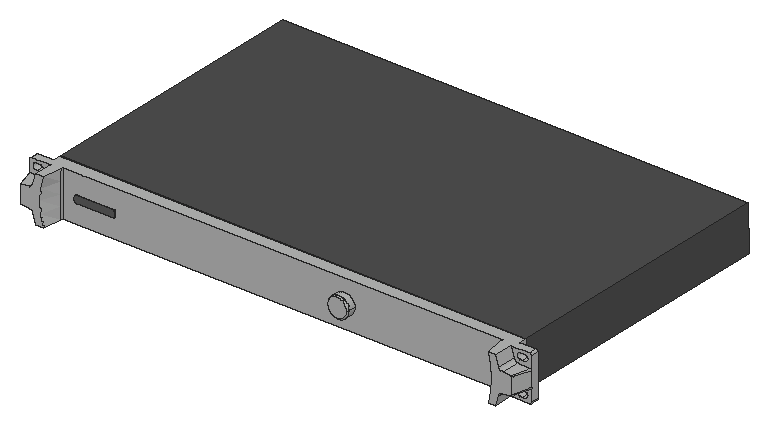
Revit family "M32C", category Communication Devices, Revit 2020
Family settings
  Maintain Annotation Orientation = No
  Round Connector Dimension = Use Diameter
  Part Type = Normal
  Work Plane-Based = Yes
  Always vertical = No
  Cut with Voids When Loaded = Yes
  Shared = No
  Room Calculation Point = No
Parameters
  Model = "M32C"
  Manufacturer = "Midas"
  Default Elevation = 0 mm
Reference planes
  plane 1 "Center (Front/Back)": y = 0
  plane 2: z = 0
  plane 3 "Center (Left/Right)": x = 0
  plane 4 "Rack Face": y = -4.6
  plane 5 "Rack Rear": y = 275
Forms (mm)
  Extrusion 1, solid, material "Aluminium"
    sketch origin (0, 0, 0) x (1, 0, 0) y (0, 0, 1)
      loop
        line (211.182, 43.912) -> (211.182, 0) -> (239.3, 0)
        arc (239.3, 0) -> (240.714, 0.586) -> (241.3, 2) r 2
        line (241.3, 2) -> (241.3, 41.912)
        arc (241.3, 41.912) -> (240.714, 43.327) -> (239.3, 43.912) r 2
        line (239.3, 43.912) -> (211.182, 43.912)
    from 0 to 7
  Blend 2, solid, material "Aluminium"
    base sketch origin (0, 0, 0) x (1, 0, 0) y (0, 0, 1)
      loop
        line (211.182, 0.002) -> (221.174, 0.002) -> (223.887, 9.452)
        arc (223.887, 9.452) -> (225.271, 11.599) -> (227.612, 12.622) r 4.422
        line (227.612, 12.622) -> (240.37, 13.514)
        arc (240.37, 13.514) -> (241.032, 13.83) -> (241.3, 14.511) r 0.999
        line (241.3, 14.511) -> (241.3, 29.403)
        arc (241.3, 29.403) -> (241.032, 30.085) -> (240.37, 30.4) r 0.999
        line (240.37, 30.4) -> (227.612, 31.292)
        arc (227.612, 31.292) -> (225.271, 32.315) -> (223.887, 34.462) r 4.422
        line (223.887, 34.462) -> (221.174, 43.912) -> (211.182, 43.912) -> (211.182, 0.002)
    top sketch origin (0, 0, 0) x (1, 0, 0) y (0, 0, 1)
      loop
        arc (213.996, 43.912) -> (217.745, 21.957) -> (213.996, 0.002) r 66.157
        line (213.996, 0.002) -> (221.174, 0.002) -> (223.887, 9.452)
        arc (223.887, 9.452) -> (225.271, 11.599) -> (227.612, 12.622) r 4.422
        line (227.612, 12.622) -> (235.29, 13.159)
        arc (235.29, 13.159) -> (235.917, 13.439) -> (236.215, 14.057) r 1
        arc (236.215, 14.057) -> (236.609, 21.957) -> (236.216, 29.857) r 79.47
        arc (236.216, 29.857) -> (235.917, 30.475) -> (235.291, 30.755) r 1
        line (235.291, 30.755) -> (227.612, 31.292)
        arc (227.612, 31.292) -> (225.271, 32.315) -> (223.887, 34.462) r 4.422
        line (223.887, 34.462) -> (221.174, 43.912) -> (213.996, 43.912)
    from 7 to 25
  Extrusion 3, void
    sketch origin (0, 0, 0) x (1, 0, 0) y (0, 0, 1)
      loop
        line (231.55, 34.327) -> (234.54, 34.327)
        arc (234.54, 34.327) -> (238.045, 37.832) -> (234.54, 41.337) r 3.505
        line (234.54, 41.337) -> (231.55, 41.337)
        arc (231.55, 41.337) -> (228.045, 37.832) -> (231.55, 34.327) r 3.505
    from 0 to 7
  Extrusion 4, void
    sketch origin (0, 0, 0) x (1, 0, 0) y (0, 0, 1)
      loop
        line (231.55, 2.624) -> (234.54, 2.624)
        arc (234.54, 2.624) -> (238.045, 6.129) -> (234.54, 9.634) r 3.505
        line (234.54, 9.634) -> (231.55, 9.634)
        arc (231.55, 9.634) -> (228.045, 6.129) -> (231.55, 2.624) r 3.505
    from 0 to 7
  Extrusion 5, solid, material "Aluminium"
    sketch origin (0, 0, 0) x (1, 0, 0) y (0, 0, 1)
      loop
        line (211.182, 43.912) -> (-211.182, 43.912) -> (-211.182, 0) -> (211.182, 0) -> (211.182, 43.912)
    from 0 to 4.6
  Extrusion 6, solid, material "Aluminium"
    sketch origin (0, 0, 0) x (-1, 0, 0) y (0, 0, -1)
      loop
        line (211.182, -43.912) -> (239.3, -43.912)
        arc (239.3, -43.912) -> (240.714, -43.327) -> (241.3, -41.912) r 2
        line (241.3, -41.912) -> (241.3, -2)
        arc (241.3, -2) -> (240.714, -0.586) -> (239.3, 0) r 2
        line (239.3, 0) -> (211.182, 0) -> (211.182, -43.912)
    from 0 to 7
  Blend 7, solid, material "Aluminium"
    base sketch origin (0, 0, 0) x (-1, 0, 0) y (0, 0, -1)
      loop
        line (211.182, -0.002) -> (211.182, -43.912) -> (221.174, -43.912) -> (223.887, -34.462)
        arc (223.887, -34.462) -> (225.271, -32.315) -> (227.612, -31.292) r 4.422
        line (227.612, -31.292) -> (240.37, -30.4)
        arc (240.37, -30.4) -> (241.032, -30.085) -> (241.3, -29.403) r 0.999
        line (241.3, -29.403) -> (241.3, -14.511)
        arc (241.3, -14.511) -> (241.032, -13.83) -> (240.37, -13.514) r 0.999
        line (240.37, -13.514) -> (227.612, -12.622)
        arc (227.612, -12.622) -> (225.271, -11.599) -> (223.887, -9.452) r 4.422
        line (223.887, -9.452) -> (221.174, -0.002) -> (211.182, -0.002)
    top sketch origin (0, 0, 0) x (-1, 0, 0) y (0, 0, -1)
      loop
        line (213.996, -43.912) -> (221.174, -43.912) -> (223.887, -34.462)
        arc (223.887, -34.462) -> (225.271, -32.315) -> (227.612, -31.292) r 4.422
        line (227.612, -31.292) -> (235.291, -30.755)
        arc (235.291, -30.755) -> (235.917, -30.475) -> (236.216, -29.857) r 1
        arc (236.216, -29.857) -> (236.609, -21.957) -> (236.215, -14.057) r 79.47
        arc (236.215, -14.057) -> (235.917, -13.439) -> (235.29, -13.159) r 1
        line (235.29, -13.159) -> (227.612, -12.622)
        arc (227.612, -12.622) -> (225.271, -11.599) -> (223.887, -9.452) r 4.422
        line (223.887, -9.452) -> (221.174, -0.002) -> (213.996, -0.002)
        arc (213.996, -0.002) -> (217.745, -21.957) -> (213.996, -43.912) r 66.157
    from 7 to 25
  Extrusion 8, void
    sketch origin (0, 0, 0) x (-1, 0, 0) y (0, 0, -1)
      loop
        arc (231.55, -34.327) -> (228.045, -37.832) -> (231.55, -41.337) r 3.505
        line (231.55, -41.337) -> (234.54, -41.337)
        arc (234.54, -41.337) -> (238.045, -37.832) -> (234.54, -34.327) r 3.505
        line (234.54, -34.327) -> (231.55, -34.327)
    from 0 to 7
  Extrusion 9, void
    sketch origin (0, 0, 0) x (-1, 0, 0) y (0, 0, -1)
      loop
        arc (231.55, -2.624) -> (228.045, -6.129) -> (231.55, -9.634) r 3.505
        line (231.55, -9.634) -> (234.54, -9.634)
        arc (234.54, -9.634) -> (238.045, -6.129) -> (234.54, -2.624) r 3.505
        line (234.54, -2.624) -> (231.55, -2.624)
    from 0 to 7
  Extrusion 10, solid, material "Aluminium"
    sketch origin (0, 0, 0) x (1, 0, 0) y (0, 0, 1)
      loop
        line (-223.996, 0) -> (223.996, 0) -> (223.996, 43.914) -> (-223.996, 43.914) -> (-223.996, 0)
    from 0 to -8
  Extrusion 11, solid, material "Steel, Paint Finish, Black"
    sketch origin (0, 0, 0) x (1, 0, 0) y (0, 0, 1)
      loop
        line (-223.996, 0) -> (223.996, 0) -> (223.996, 43.914) -> (-223.996, 43.914) -> (-223.996, 0)
    from -8 to -275
  Extrusion 12, solid, material "Aluminium"
    sketch origin (-8.644, -4.6, 0.042) x (-1, 0, 0) y (0, 0, 1)
      loop
        circle (-67.898, 21.835) r 10
    from 0 to -6.9
  Blend 13, solid, material "Aluminium"
    base sketch origin (-8.644, -4.6, 0.042) x (-1, 0, 0) y (0, 0, 1)
      loop
        circle (-67.898, 21.835) r 10
    top sketch origin (-8.644, -4.6, 0.042) x (-1, 0, 0) y (0, 0, 1)
      loop
        circle (-67.898, 21.835) r 9
    from -6.9 to -8.4
  Extrusion 14, solid, material "Aluminium, Black"
    sketch origin (0, -4.6, 0) x (-1, 0, 0) y (0, 0, 1)
      loop
        line (196.615, 25.321) -> (162.091, 25.321)
        arc (162.091, 25.321) -> (161.525, 25.086) -> (161.29, 24.52) r 0.801
        line (161.29, 24.52) -> (161.29, 19.086)
        arc (161.29, 19.086) -> (161.527, 18.53) -> (162.092, 18.314) r 0.772
        line (162.092, 18.314) -> (196.615, 18.314)
        arc (196.615, 18.314) -> (200.119, 21.817) -> (196.615, 25.321) r 3.503
    from 0 to -1
  Extrusion 15, solid, material "ABS - Black"
    sketch origin (0, 275, 0) x (-1, 0, 0) y (0, 0, 1)
      loop
        circle (203.295, 18.08) r 6.038
    from 0 to 6
  Extrusion 16, void
    sketch origin (0, 275, 0) x (-1, 0, 0) y (0, 0, 1)
      loop
        line (-207.339, 30.969) -> (-207.339, 11.26) -> (-181.121, 11.26) -> (-181.121, 30.969) -> (-207.339, 30.969)
    from 0 to -20
  Extrusion 17, void
    sketch origin (0, 275, 0) x (-1, 0, 0) y (0, 0, 1)
      loop
        circle (101.948, 23.944) r 11.2
    from 0 to -16
  Extrusion 18, void
    sketch origin (-26.028, 275, 0) x (-1, 0, 0) y (0, 0, 1)
      loop
        circle (101.948, 23.944) r 11.2
    from 0 to -16
Cuts and joins
  Extrusion 3, Extrusion 4, Extrusion 8, Extrusion 9 cuts Extrusion 1
  Extrusion 8, Extrusion 9 cuts Extrusion 6
  joined: Extrusion 1, Blend 2, Extrusion 5, Extrusion 6, Blend 7, Extrusion 10
  Extrusion 16, Extrusion 17, Extrusion 18 cuts Extrusion 11
Lines and regions (mm)
  Split face 1
    outline origin (211.182, -4.6, 43.912) x (0, 0, 1) y (-1, 0, 0)
      loop
        line (-2.022, 422.363) -> (-2.022, 0)
  Split face 2
    outline origin (211.182, -4.6, 43.912) x (0, 0, 1) y (-1, 0, 0)
      loop
        line (-42.175, 422.363) -> (-42.175, 0)
  Split face 3
    outline origin (211.182, -4.6, 43.912) x (0, 0, 1) y (-1, 0, 0)
      loop
        line (-2.022, 311.278) -> (-42.175, 311.278)
  Split face 4
    outline origin (211.182, -4.6, 43.912) x (0, 0, 1) y (-1, 0, 0)
      loop
        line (-2.022, 111.086) -> (-42.175, 111.086)
  Split face 5
    outline origin (211.182, -4.6, 43.912) x (0, 0, 1) y (-1, 0, 0)
      loop
        line (-5.58, 108.348) -> (-38.613, 108.348) -> (-38.613, 5.725) -> (-5.58, 5.725) -> (-5.58, 108.348)
  Split face 6
    outline origin (211.182, -4.6, 43.912) x (0, 0, 1) y (-1, 0, 0)
      loop
        line (-5.58, 416.638) -> (-38.613, 416.638) -> (-38.613, 314.016) -> (-5.58, 314.016) -> (-5.58, 416.638)
  Split face 7
    outline origin (226.071, -4.6, 43.454) x (0, 0, 1) y (-1, 0, 0)
      loop
        arc (-8.937, 254.244) -> (-9.23, 254.951) -> (-9.937, 255.244) r 1
        line (-9.937, 255.244) -> (-33.189, 255.244)
        arc (-33.189, 255.244) -> (-33.896, 254.951) -> (-34.189, 254.244) r 1
        line (-34.189, 254.244) -> (-34.189, 195.787)
        arc (-34.189, 195.787) -> (-33.896, 195.08) -> (-33.189, 194.787) r 1
        line (-33.189, 194.787) -> (-9.937, 194.787)
        arc (-9.937, 194.787) -> (-9.23, 195.08) -> (-8.937, 195.787) r 1
        line (-8.937, 195.787) -> (-8.937, 254.244)
  Split face 8
    outline origin (211.182, -4.6, 43.912) x (0, 0, 1) y (-1, 0, 0)
      loop
        circle (-22.036, 123.345) r 3.369
  Split face 9
    outline origin (0, 275, 0) x (1, 0, 0) y (0, 0, 1)
      loop
        circle (-24.456, 21.65) r 7.088
  Split face 10
    outline origin (0, 275, 0) x (1, 0, 0) y (0, 0, 1)
      loop
        circle (-52.466, 21.649) r 7.088
  Split face 11
    outline origin (0, 275, 0) x (1, 0, 0) y (0, 0, 1)
      loop
        arc (-25.955, 27.298) -> (-24.455, 15.973) -> (-22.955, 27.298) r 5.762
        line (-22.955, 27.298) -> (-22.955, 25.774) -> (-25.955, 25.774) -> (-25.955, 27.298)
  Split face 12
    outline origin (0, 275, 0) x (1, 0, 0) y (0, 0, 1)
      loop
        arc (-54.005, 27.298) -> (-52.505, 15.973) -> (-51.005, 27.298) r 5.762
        line (-51.005, 27.298) -> (-51.005, 25.774) -> (-54.005, 25.774) -> (-54.005, 27.298)
  Split face 13
    outline origin (0, 275, 0) x (1, 0, 0) y (0, 0, 1)
      loop
        circle (-153.474, 17.882) r 5
  Split face 14
    outline origin (0, 275, 0) x (1, 0, 0) y (0, 0, 1)
      loop
        circle (-153.461, 17.874) r 3.771
  Split face 15
    outline origin (0, 275, 0) x (1, 0, 0) y (0, 0, 1)
      loop
        circle (-169.801, 17.882) r 4.983
  Split face 16
    outline origin (0, 275, 0) x (1, 0, 0) y (0, 0, 1)
      loop
        circle (-169.789, 17.874) r 3.771
  Split face 17
    outline origin (0, 275, 0) x (1, 0, 0) y (0, 0, 1)
      loop
        circle (-186.373, 17.882) r 4.982
  Split face 18
    outline origin (0, 275, 0) x (1, 0, 0) y (0, 0, 1)
      loop
        circle (-186.36, 17.874) r 3.771
  model lines
    curve 1: circle (59.254, -4.6, 21.877) r 16 normal (0, 1, 0)
    curve 40: line (170.321, 275, 35.969) -> (15.15, 275, 35.969)
    curve 41: arc (15.15, 275, 35.969) -> (11.595, 275, 34.497) -> (10.122, 275, 30.942) r 5.027
    curve 42: line (10.122, 275, 30.942) -> (10.122, 275, 10.425)
    curve 43: arc (10.122, 275, 10.425) -> (11.595, 275, 6.87) -> (15.151, 275, 5.397) r 5.028
    curve 44: line (15.151, 275, 5.397) -> (170.321, 275, 5.397)
    curve 45: arc (170.321, 275, 5.397) -> (173.877, 275, 6.87) -> (175.349, 275, 10.425) r 5.027
    curve 46: line (175.349, 275, 10.425) -> (175.347, 275, 30.941)
    curve 47: arc (175.347, 275, 30.941) -> (173.875, 275, 34.495) -> (170.321, 275, 35.969) r 5.029
  model lines, style "0"
    curve 2: line (-62.437, -4.6, 20.366) -> (-72.516, -4.6, 20.366)
    curve 3: line (-72.516, -4.6, 20.366) -> (-72.516, -4.6, 21.381)
    curve 4: line (-72.516, -4.6, 21.381) -> (-62.437, -4.6, 21.381)
    curve 5: line (-62.437, -4.6, 21.381) -> (-62.437, -4.6, 20.366)
    curve 6: arc (-75.52, -4.6, 18.879) -> (-75.122, -4.6, 17.92) -> (-74.163, -4.6, 17.522) r 1.358
    curve 7: arc (-60.761, -4.6, 17.522) -> (-59.802, -4.6, 17.92) -> (-59.404, -4.6, 18.879) r 1.359
    curve 8: arc (-59.404, -4.6, 24.876) -> (-59.803, -4.6, 25.835) -> (-60.761, -4.6, 26.233) r 1.361
    curve 9: arc (-74.163, -4.6, 26.233) -> (-75.122, -4.6, 25.835) -> (-75.52, -4.6, 24.876) r 1.36
    curve 10: arc (-60.581, -4.6, 19.376) -> (-60.78, -4.6, 18.897) -> (-61.26, -4.6, 18.697) r 0.682
    curve 11: arc (-73.666, -4.6, 18.697) -> (-74.145, -4.6, 18.897) -> (-74.344, -4.6, 19.376) r 0.681
    curve 12: arc (-74.344, -4.6, 24.378) -> (-74.145, -4.6, 24.857) -> (-73.666, -4.6, 25.056) r 0.679
    curve 13: arc (-61.26, -4.6, 25.056) -> (-60.78, -4.6, 24.857) -> (-60.581, -4.6, 24.378) r 0.68
    curve 14: arc (35.977, -4.6, 6.836) -> (35.741, -4.6, 6.268) -> (35.172, -4.6, 6.033) r 0.805
    curve 15: arc (-33.058, -4.6, 6.033) -> (-33.626, -4.6, 6.268) -> (-33.862, -4.6, 6.836) r 0.804
    curve 16: arc (-33.862, -4.6, 36.866) -> (-33.626, -4.6, 37.435) -> (-33.058, -4.6, 37.67) r 0.805
    curve 17: arc (35.171, -4.6, 37.67) -> (35.74, -4.6, 37.435) -> (35.977, -4.6, 36.866) r 0.805
    curve 18: arc (-28.37, -4.6, 9.265) -> (-28.938, -4.6, 9.501) -> (-29.173, -4.6, 10.069) r 0.804
    curve 19: arc (-29.173, -4.6, 33.714) -> (-28.938, -4.6, 34.281) -> (-28.37, -4.6, 34.517) r 0.804
    curve 20: arc (30.479, -4.6, 34.517) -> (31.048, -4.6, 34.282) -> (31.284, -4.6, 33.714) r 0.805
    curve 21: circle (87.837, -4.6, 21.876) r 6.302 normal (0, -1, 0)
    curve 22: line (-38.881, -4.6, 40.455) -> (-38.881, -4.6, 3.298)
    curve 23: line (40.902, -4.6, 40.455) -> (40.902, -4.6, 3.298)
    curve 24: line (-74.163, -4.6, 17.522) -> (-60.761, -4.6, 17.522)
    curve 25: line (-59.404, -4.6, 18.879) -> (-59.404, -4.6, 24.876)
    curve 26: line (-60.761, -4.6, 26.233) -> (-74.163, -4.6, 26.233)
    curve 27: line (-75.52, -4.6, 24.876) -> (-75.52, -4.6, 18.879)
    curve 28: line (-61.26, -4.6, 18.697) -> (-73.666, -4.6, 18.697)
    curve 29: line (-74.344, -4.6, 19.376) -> (-74.344, -4.6, 24.378)
    curve 30: line (-73.666, -4.6, 25.056) -> (-61.26, -4.6, 25.056)
    curve 31: line (-60.581, -4.6, 24.378) -> (-60.581, -4.6, 19.376)
    curve 32: line (35.172, -4.6, 6.033) -> (-33.058, -4.6, 6.033)
    curve 33: line (-33.862, -4.6, 6.836) -> (-33.862, -4.6, 36.866)
    curve 34: line (-33.058, -4.6, 37.67) -> (35.171, -4.6, 37.67)
    curve 35: line (35.977, -4.6, 36.866) -> (35.977, -4.6, 6.836)
    curve 36: line (30.479, -4.6, 9.265) -> (-28.37, -4.6, 9.265)
    curve 37: line (-29.173, -4.6, 10.069) -> (-29.173, -4.6, 33.714)
    curve 38: line (-28.37, -4.6, 34.517) -> (30.479, -4.6, 34.517)
    curve 39: line (31.284, -4.6, 33.714) -> (31.284, -4.6, 10.069)
Dimensions and locks
  aligned and locked: level to plane 2
Nested families
  nested 1: "IEC" at (194.229, 275, 21.952) x (1, 0, 0) z (0, 1, 0), type "IEC"
  nested 2: "NE8FD Ethercon" at (-101.948, 275, 23.923) x (-1, 0, 0) z (0, 1, 0), type "NE8FD Ethercon"
  nested 3: "NE8FD Ethercon" at (-127.976, 275, 23.923) x (-1, 0, 0) z (0, 1, 0), type "NE8FD Ethercon"
  nested 4: "RJ45 chassis mount" at (-2.937, 275, 18.093) x (-1, 0, 0) z (0, 1, 0), type "RJ45 chassis mount"
  nested 5: "RJ45 chassis mount" at (-74.286, 275, 18.093) x (-1, 0, 0) z (0, 1, 0), type "RJ45 chassis mount"
  nested 6: "USB-B chassis mount" at (66.798, 275, 15.569) x (1, 0, 0) z (0, 1, 0), type "USB-B chassis mount"
Definition of nested family "IEC"
  Parameters (values of type "IEC")
    Default Elevation = 1219.2 mm
  Reference planes
    plane 1 "Center (Front/Back)": y = 0
    plane 2: z = 0
    plane 3 "Center (Left/Right)": x = 0
  Forms (mm)
    Extrusion 1, void
      sketch origin (0, 0, 0) x (1, 0, 0) y (0, 1, 0)
        loop
          arc (12, 6.432) -> (11.268, 8.2) -> (9.5, 8.932) r 2.5
          line (9.5, 8.932) -> (-9.5, 8.932)
          arc (-9.5, 8.932) -> (-11.268, 8.2) -> (-12, 6.432) r 2.5
          line (-12, 6.432) -> (-12, -3) -> (-7, -8) -> (7, -8) -> (12, -3) -> (12, 6.432)
      from 2 to -15
    Extrusion 2, solid
      sketch origin (0, 0.834, 0) x (1, 0, 0) y (0, 1, 0)
        loop
          arc (-12.127, 11.082) -> (-14.248, 10.203) -> (-15.127, 8.082) r 3
          line (-15.127, 8.082) -> (-15.127, -8.8)
          arc (-15.127, -8.8) -> (-14.248, -10.921) -> (-12.127, -11.8) r 3
          line (-12.127, -11.8) -> (12.188, -11.8)
          arc (12.188, -11.8) -> (14.309, -10.921) -> (15.188, -8.8) r 3
          line (15.188, -8.8) -> (15.188, 8.082)
          arc (15.188, 8.082) -> (14.309, 10.203) -> (12.188, 11.082) r 3
          line (12.188, 11.082) -> (-12.127, 11.082)
      from 2 to 0
    Extrusion 3, solid
      sketch origin (0, 0, 0) x (1, 0, 0) y (0, 1, 0)
        loop
          line (-8, 3.6) -> (-8, -0.4) -> (-6, -0.4) -> (-6, 3.6) -> (-8, 3.6)
      from 1 to -15
    Extrusion 4, solid
      sketch origin (7, -4, 0) x (1, 0, 0) y (0, 1, 0)
        loop
          line (-8, 3.6) -> (-8, -0.4) -> (-6, -0.4) -> (-6, 3.6) -> (-8, 3.6)
      from 1 to -15
    Extrusion 5, solid
      sketch origin (14, 0, 0) x (1, 0, 0) y (0, 1, 0)
        loop
          line (-8, 3.6) -> (-8, -0.4) -> (-6, -0.4) -> (-6, 3.6) -> (-8, 3.6)
      from 1 to -15
    Extrusion 6, void
      sketch origin (0, 0, 0) x (1, 0, 0) y (0, 1, 0)
        loop
          arc (-11.5, 10.742) -> (-13.268, 10.01) -> (-14, 8.242) r 2.5
          line (-14, 8.242) -> (-14, -7.466)
          arc (-14, -7.466) -> (-13.268, -9.234) -> (-11.5, -9.966) r 2.5
          line (-11.5, -9.966) -> (11.5, -9.966)
          arc (11.5, -9.966) -> (13.268, -9.234) -> (14, -7.466) r 2.5
          line (14, -7.466) -> (14, 8.242)
          arc (14, 8.242) -> (13.268, 10.01) -> (11.5, 10.742) r 2.5
          line (11.5, 10.742) -> (-11.5, 10.742)
      from 0 to -20
    Extrusion 7, solid
      sketch origin (0, 0.834, 0) x (1, 0, 0) y (0, 1, 0)
        loop
          arc (-11.5, 9.908) -> (-13.268, 9.176) -> (-14, 7.408) r 2.5
          line (-14, 7.408) -> (-14, -8.3)
          arc (-14, -8.3) -> (-13.268, -10.068) -> (-11.5, -10.8) r 2.5
          line (-11.5, -10.8) -> (11.5, -10.8)
          arc (11.5, -10.8) -> (13.268, -10.068) -> (14, -8.3) r 2.5
          line (14, -8.3) -> (14, 7.408)
          arc (14, 7.408) -> (13.268, 9.176) -> (11.5, 9.908) r 2.5
          line (11.5, 9.908) -> (-11.5, 9.908)
      from 0 to -20
  Cuts and joins
    Extrusion 1, Extrusion 6 cuts Extrusion 2
    Extrusion 1 cuts Extrusion 7
  Dimensions and locks
    aligned and locked: level to plane 2
Definition of nested family "NE8FD Ethercon"
  Parameters
    Default Elevation = 1219.2 mm
  Reference planes
    plane 1 "Center (Front/Back)": y = 0
    plane 2: z = 0
    plane 3 "Center (Left/Right)": x = 0
  Forms (mm)
    Extrusion 1, solid
      sketch origin (-12.612, 0, 0) x (1, 0, 0) y (0, 1, 0)
        loop
          circle (12.613, 0.021) r 11.058
      from -16 to 1.5
    Extrusion 2, void
      sketch origin (-12.612, 0, 0) x (1, 0, 0) y (0, 1, 0)
        loop
          circle (12.612, 0.021) r 9.9
      from -12 to 1.5
    Extrusion 3, solid
      sketch origin (-12.612, 0, 0) x (1, 0, 0) y (0, 1, 0)
        loop
          line (9.613, 9.921) -> (15.612, 9.921)
          arc (15.612, 9.921) -> (17.027, 10.507) -> (17.612, 11.921) r 2
          line (17.612, 11.921) -> (17.612, 13.337)
          arc (17.612, 13.337) -> (17.271, 14.455) -> (16.362, 15.191) r 2
          arc (16.362, 15.191) -> (12.612, 15.921) -> (8.862, 15.191) r 10
          arc (8.862, 15.191) -> (7.954, 14.455) -> (7.612, 13.337) r 2
          line (7.612, 13.337) -> (7.612, 11.921)
          arc (7.612, 11.921) -> (8.198, 10.507) -> (9.613, 9.921) r 2
      from 3.3 to 4.2
    Extrusion 4, solid
      sketch origin (-12.612, 0, 0) x (1, 0, 0) y (0, 1, 0)
        loop
          line (11.106, 9.921) -> (14.119, 9.921) -> (14.119, 10.975)
          arc (14.119, 10.975) -> (12.613, 11.079) -> (11.106, 10.975) r 11.058
          line (11.106, 10.975) -> (11.106, 9.921)
      from 3.3 to 1.5
    Extrusion 5, void
      sketch origin (-12.612, 0, 0) x (1, 0, 0) y (0, 1, 0)
        loop
          line (6.713, 3.65) -> (6.713, -3.15) -> (9.313, -3.15) -> (9.313, -5.15) -> (10.763, -5.15) -> (10.763, -6.45) -> (14.463, -6.45) -> (14.463, -5.15) -> (15.913, -5.15) -> (15.913, -3.15) -> (18.513, -3.15) -> (18.513, 3.65) -> (6.713, 3.65)
      from -10 to 1.5
    Extrusion 6, solid
      sketch origin (-12.612, 0, 0) x (1, 0, 0) y (0, 1, 0)
        loop
          circle (12.612, 0) r 8
      from -12 to 1.5
    Extrusion 7, void
      sketch origin (-12.612, 0, 0) x (1, 0, 0) y (0, 1, 0)
        loop
          circle (12.613, 0) r 11.1
      from 0 to -16
  Cuts and joins
    Extrusion 2, Extrusion 5 cuts Extrusion 1
    Extrusion 2 cuts Extrusion 4
    Extrusion 5 cuts Extrusion 6
  Dimensions and locks
    aligned and locked: level to plane 2
Definition of nested family "RJ45 chassis mount"
  Parameters
    Default Elevation = 1219.2 mm
  Reference planes
    plane 1 "Center (Front/Back)": y = 0
    plane 2: z = 0
    plane 3 "Center (Left/Right)": x = 0
  Forms (mm)
    Extrusion 1, void
      sketch origin (-12.612, 0, 0) x (1, 0, 0) y (0, 1, 0)
        loop
          line (6.713, 3.65) -> (6.713, -3.15) -> (9.313, -3.15) -> (9.313, -5.15) -> (10.763, -5.15) -> (10.763, -6.45) -> (14.463, -6.45) -> (14.463, -5.15) -> (15.913, -5.15) -> (15.913, -3.15) -> (18.513, -3.15) -> (18.513, 3.65) -> (6.713, 3.65)
      from -10 to 1.5
    Extrusion 2, solid
      sketch origin (0, 0, 0) x (1, 0, 0) y (0, 1, 0)
        loop
          line (-7.94, 6.94) -> (-7.94, -7.092) -> (7.94, -7.092) -> (7.94, 6.94) -> (-7.94, 6.94)
      from -15 to 1.5
    Extrusion 3, void
      sketch origin (0, 0, 0) x (1, 0, 0) y (0, 1, 0)
        loop
          line (-7.94, 6.94) -> (-7.94, -7.092) -> (7.94, -7.092) -> (7.94, 6.94) -> (-7.94, 6.94)
      from -15 to 0
  Cuts and joins
    Extrusion 1 cuts Extrusion 2
  Dimensions and locks
    aligned and locked: level to plane 2
Definition of nested family "USB-B chassis mount"
  Parameters
    Default Elevation = 1219.2 mm
  Reference planes
    plane 1 "Center (Front/Back)": y = 0
    plane 2: z = 0
    plane 3 "Center (Left/Right)": x = 0
  Forms (mm)
    Extrusion 1, void
      sketch origin (-12.612, 0, 0) x (1, 0, 0) y (0, 1, 0)
        loop
          line (9.363, 3.85) -> (8.363, 2.85) -> (8.363, -2.85)
          arc (8.363, -2.85) -> (8.655, -3.557) -> (9.363, -3.85) r 1
          line (9.363, -3.85) -> (15.862, -3.85)
          arc (15.862, -3.85) -> (16.57, -3.557) -> (16.862, -2.85) r 1
          line (16.862, -2.85) -> (16.862, 2.85) -> (15.862, 3.85) -> (9.363, 3.85)
      from -5 to 1.5
    Extrusion 2, solid
      sketch origin (0, 0, 0) x (1, 0, 0) y (0, 1, 0)
        loop
          line (-6.15, 5.499) -> (-6.15, -5.501) -> (6.15, -5.501) -> (6.15, 5.499) -> (-6.15, 5.499)
      from -15 to 1.5
    Extrusion 3, void
      sketch origin (0, 0, 0) x (1, 0, 0) y (0, 1, 0)
        loop
          line (-6.15, 5.499) -> (-6.15, -5.501) -> (6.15, -5.501) -> (6.15, 5.499) -> (-6.15, 5.499)
      from -15 to 0
    Extrusion 4, solid
      sketch origin (0, 0, 0) x (1, 0, 0) y (0, 1, 0)
        loop
          line (-3.05, -1.85) -> (3.05, -1.85) -> (3.05, 1.85) -> (-3.05, 1.85) -> (-3.05, -1.85)
      from -5 to 1
  Cuts and joins
    Extrusion 1 cuts Extrusion 2
  Dimensions and locks
    aligned and locked: level to plane 2
